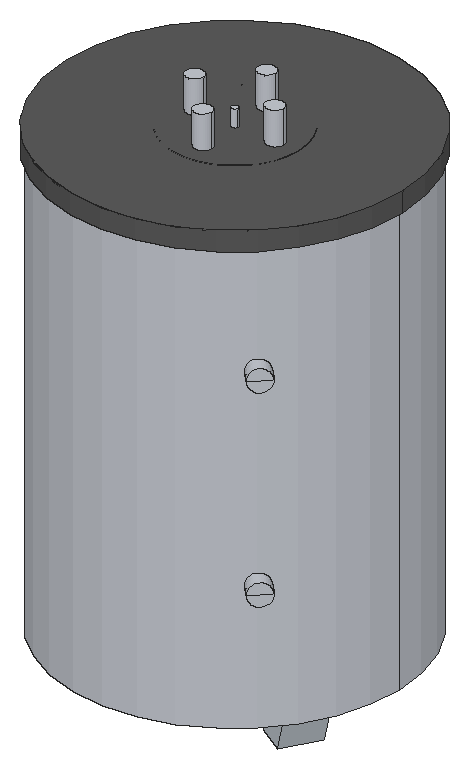
Revit family "Бойлер косвенного нагрева_INOX_FedericaBugatti_R20", category Оборудование, Revit 2020
Family settings
  Размер круглого соединителя = Использовать диаметр
  Классификация = Нет
  Тип детали = Нормальный
  На основе рабочей плоскости = Нет
  Всегда вертикально = Да
  При загрузке вырезать с полостями = Нет
  Общий = Нет
  Точка расчета площади = Да
Parameters (values of type "INOX_800")
  Патрубки_Высота = 50 mm  # constant formula
  Отметка по умолчанию = 0 mm
  Номинальный_Объем = 92
  Ножки_Диаметр = 415 mm  # constant formula
  Материал_Патрубки = ADSK_Металл_Сталь нержавеющая
  Материал_Ножки = ADSK_Металл_Сталь оцинкованная
  Материал_ВнешняяСтенка = ADSK_Металл_Сталь нержавеющая
  Материал_КорпусВерх = ADSK_Металл_Окрашенный_Черный темный
  Корпус_Диаметр = ADSK_Размер_ДиаметрИзделия - 10 mm  # 515 mm
  ADSK_Расход жидкости = 1.25 L/s  # constant formula
  ADSK_Размер_ДиаметрИзделия = 525 mm  # constant formula
  ADSK_Размер_Диаметр = 20 mm  # constant formula
  ADSK_Размер_Высота = 800 mm
  ADSK_Примечание [instance] = ""
  ADSK_Полная мощность = ADSK_Номинальная мощность / ADSK_Коэффициент мощности  # 20000 VA
  ADSK_Позиция [instance] = ""
  ADSK_Обозначение = ""
  ADSK_Номинальная мощность = 20000 W
  ADSK_Напряжение = 230 V  # constant formula
  ADSK_Наименование = "Бойлер косвенного нагрева из нержавеющей стали Federica Bugatti INOX 800"
  ADSK_Масса_Текст = "32"
  ADSK_Масса = 32
  ADSK_Марка = "INOX 800"
  ADSK_Коэффициент мощности = 1  # constant formula
  ADSK_Количество фаз = 1
  ADSK_Количество = 1  # constant formula
  ADSK_Код изделия = ""
  ADSK_Классификация нагрузок = Прочее
  ADSK_Завод-изготовитель = "Federica Bugatti"  # constant formula
  ADSK_Единица измерения = "шт"  # constant formula
  Коннекторы = 125 mm  # constant formula
Types (7, lengths in mm): name | Номинальный_Объем | Материал_ВнешняяСтенка | ADSK_Размер_Высота | ADSK_Полная мощность | ADSK_Номинальная мощность | ADSK_Наименование | ADSK_Масса_Текст | ADSK_Масса | ADSK_Марка
  (no name) | 92 | ADSK_Металл_Сталь нержавеющая | 800 | 20000 VA | 20000 W | "Бойлер косвенного нагрева из нержавеющей стали Federica Bugatti INOX 800" | "32" | 32 | "INOX 800"
  INOX_800 | 92 | ADSK_Металл_Сталь нержавеющая | 800 | 20000 VA | 20000 W | "Бойлер косвенного нагрева из нержавеющей стали Federica Bugatti INOX 800" | "32" | 32 | "INOX 800"
  INOX.PREMIUM_800 | 92 | ADSK_Полимеры_Пластик черный | 800 | 20000 VA | 20000 W | "Бойлер косвенного нагрева из нержавеющей стали Federica Bugatti INOX PREMIUM 800" | "32" | 32 | "INOX PREMIUM 800"
  INOX_1000 | 120 | ADSK_Металл_Сталь нержавеющая | 1060 | 24000 VA | 24000 W | "Бойлер косвенного нагрева из нержавеющей стали Federica Bugatti INOX 1000" | "40" | 40 | "INOX 1000"
  INOX.PREMIUM_1000 | 120 | ADSK_Полимеры_Пластик черный | 1060 | 24000 VA | 24000 W | "Бойлер косвенного нагрева из нержавеющей стали Federica Bugatti INOX PREMIUM 1000" | "40" | 40 | "INOX PREMIUM 1000"
  INOX_1500 | 180 | ADSK_Металл_Сталь нержавеющая | 1460 | 36000 VA | 36000 W | "Бойлер косвенного нагрева из нержавеющей стали Federica Bugatti INOX 1500" | "55" | 55 | "INOX 1500"
  INOX.PREMIUM_1500 | 180 | ADSK_Полимеры_Пластик черный | 1460 | 36000 VA | 36000 W | "Бойлер косвенного нагрева из нержавеющей стали Federica Bugatti INOX PREMIUM 1500" | "55" | 55 | "INOX PREMIUM 1500"
Reference planes
  plane 1 "По центру (Вперед/Назад)": y = 0
  plane 2: z = 0
  plane 3 "По центру (Влево/Вправо)": x = 0
  plane 4: x = -262.5
  plane 5: x = 262.5
  plane 6: y = 262.5
  plane 7: y = -262.5
  plane 8: z = 750
  plane 9: z = 720
  plane 10: z = 800
  plane 11: z = 745
  plane 12: x = 62.5
  plane 13: x = -62.5
  plane 14: y = -62.5
  plane 15: y = 62.5
  plane 16: y = 242.5
  plane 17: y = 222.5
  plane 18: y = 172.5
  plane 19: z = 50
  plane 20: x = 30
  plane 21: x = -30
  plane 22: z = 150
  plane 23: y = 257.5
  plane 24: y = -257.5
  plane 25: z = 400
  plane 26: z = 775
  plane 27: z = 550
  plane 28: z = 250
Forms (mm)
  Extrusion 1, solid, material "ADSK_Металл_Сталь нержавеющая" <- "Материал_ВнешняяСтенка"
    sketch origin (0, 0, 0) x (1, 0, 0) y (0, 1, 0)
      loop
        circle (0, 0) r 257.5
    from 50 to 720
  Extrusion 2, solid, material "ADSK_Металл_Окрашенный_Черный темный" <- "Материал_КорпусВерх"
    sketch origin (0, 0, 0) x (1, 0, 0) y (0, 1, 0)
      loop
        circle (0, 0) r 262.5
    from 720 to 750
  Extrusion 3, solid, material "ADSK_Металл_Окрашенный_Черный темный" <- "Материал_КорпусВерх"
    sketch origin (0, 0, 0) x (1, 0, 0) y (0, 1, 0)
      loop
        circle (0, 0) r 100
    from 745 to 750
  Extrusion 4, solid, material "ADSK_Металл_Сталь оцинкованная" <- "Материал_Ножки"
    sketch origin (0, 0, 0) x (0, 1, 0) y (0, 0, 1)
      loop
        line (222.5, 0) -> (242.5, 50) -> (172.5, 50) -> (172.5, 0) -> (222.5, 0)
    from -30 to 30
  Extrusion 5, solid, material "ADSK_Металл_Сталь оцинкованная" <- "Материал_Ножки"
    sketch origin (0, 0, 0) x (-0.866025, -0.5, 0) y (0, 0, 1)
      loop
        line (222.5, 0) -> (242.5, 50) -> (172.5, 50) -> (172.5, 0) -> (222.5, 0)
    from -30 to 30
  Extrusion 6, solid, material "ADSK_Металл_Сталь оцинкованная" <- "Материал_Ножки"
    sketch origin (0, 0, 0) x (0.866025, -0.5, 0) y (0, 0, 1)
      loop
        line (222.5, 0) -> (242.5, 50) -> (172.5, 50) -> (172.5, 0) -> (222.5, 0)
    from -30 to 30
  Extrusion 7, solid, material "ADSK_Металл_Сталь нержавеющая" <- "Материал_ВнешняяСтенка"
    sketch origin (0, 0, 0) x (1, 0, 0) y (0, 0, 1)
      loop
        circle (0, 150) r 1.5
    from -257.5 to -242.5
  Extrusion 8, solid, material "ADSK_Металл_Сталь нержавеющая" <- "Материал_Патрубки"
    sketch origin (0, 0, 0) x (1, 0, 0) y (0, 1, 0)
      loop
        circle (0, -62.5) r 13.4
      loop
        circle (-62.5, 0) r 13.4
      loop
        circle (0, 62.5) r 13.4
      loop
        circle (62.5, 0) r 13.4
    from 400 to 800
  Extrusion 9, solid, material "ADSK_Металл_Сталь нержавеющая" <- "Материал_Патрубки"
    sketch origin (0, 0, 0) x (1, 0, 0) y (0, 1, 0)
      loop
        circle (0, 0) r 5
    from 400 to 775
  Revolve 10, solid, material "ADSK_Металл_Сталь нержавеющая" <- "Материал_Патрубки"
    sketch origin (1839.148, -1524, 250) x (0, -1, 0) y (1, 0, 0)
      loop
        line (-1341.92, -1657.068) -> (-1324.242, -1639.39) -> (-1336.086, -1627.546) -> (-1353.764, -1645.224) -> (-1341.92, -1657.068)
      axis (-1341.92, -1657.068) -> (-1324.242, -1639.39)
    angle from 0 to 360
  Revolve 11, solid, material "ADSK_Металл_Сталь нержавеющая" <- "Материал_Патрубки"
    sketch origin (1839.148, -1524, 550) x (1, 0, 0) y (0, -1, 0)
      loop
        line (-1657.068, -1341.92) -> (-1645.224, -1353.764) -> (-1627.546, -1336.086) -> (-1639.39, -1324.242) -> (-1657.068, -1341.92)
      axis (-1657.068, -1341.92) -> (-1639.39, -1324.242)
    angle from 0 to 360
Lines and regions (mm)
  reference lines
    curve 1: line (0, 0, 0) -> (262.5, -262.5, 0)
Dimensions and locks
  equal spacing: plane 4, plane 3 "По центру (Влево/Вправо)", plane 5
  equal spacing: plane 6, plane 1 "По центру (Вперед/Назад)", plane 7
  "ADSK_Размер_ДиаметрИзделия": plane 4 to plane 5
  "ADSK_Размер_ДиаметрИзделия": plane 6 to plane 7
  locked: plane 8 to plane 9 at 30
  "Патрубки_Высота": plane 10 to plane 8
  locked: plane 8 to plane 11 at 5
  equal spacing: plane 14, plane 1 "По центру (Вперед/Назад)", plane 15
  "Коннекторы": plane 14 to plane 15
  "Коннекторы": plane 13 to plane 12
  equal spacing: plane 13, plane 3 "По центру (Влево/Вправо)", plane 12
  plane 6 to plane 16 = 20 mm
  plane 16 to plane 17 = 20 mm
  plane 17 to plane 18 = 50 mm
  plane 19 to plane 2 = 50 mm
  equal spacing: plane 21, plane 3 "По центру (Влево/Вправо)", plane 20
  locked: plane 21 to plane 20 at 60
  Extrusion 4 sketch curve to Extrusion 4 sketch curve = 50 mm
  Extrusion 5 sketch curve to Extrusion 5 sketch curve = 50 mm
  Extrusion 6 sketch curve to Extrusion 6 sketch curve = 50 mm
  "ADSK_Размер_Высота": plane 10 to plane 2
  locked: plane 22 to plane 19 at 100
  "Корпус_Диаметр": plane 23 to plane 24
  equal spacing: plane 23, plane 1 "По центру (Вперед/Назад)", plane 24
  equal spacing: plane 10, plane 25, plane 2
  equal spacing: plane 10, plane 26, plane 8
  locked: plane 28 to plane 19 at 200
  locked: plane 8 to plane 27 at 200
  "Корпус_Диаметр": diameter of Extrusion 1 sketch curve
  "ADSK_Размер_ДиаметрИзделия": diameter of Extrusion 2 sketch curve
  diameter of Extrusion 3 sketch curve = 200 mm
  "Ножки_Диаметр": diameter of radial array
  diameter of Extrusion 7 sketch curve = 3 mm
  diameter of Extrusion 8 sketch curve = 26.8 mm  (x4)
  diameter of Extrusion 9 sketch curve = 10 mm
  locked: curve 1 to plane 7 (angle 45.00°)
  aligned and locked: level to plane 2
  aligned and locked: plane 1 "По центру (Вперед/Назад)" to Extrusion 1 sketch curve
  aligned and locked: plane 3 "По центру (Влево/Вправо)" to Extrusion 1 sketch curve
  aligned and locked: plane 1 "По центру (Вперед/Назад)" to Extrusion 2 sketch curve
  aligned and locked: plane 3 "По центру (Влево/Вправо)" to Extrusion 2 sketch curve
  aligned and locked: Extrusion 1 to plane 9
  aligned and locked: plane 8 to Extrusion 2
  aligned and locked: plane 9 to Extrusion 2
  aligned and locked: plane 1 "По центру (Вперед/Назад)" to Extrusion 3 sketch curve
  aligned and locked: plane 3 "По центру (Влево/Вправо)" to Extrusion 3 sketch curve
  aligned and locked: plane 8 to Extrusion 3
  aligned and locked: plane 11 to Extrusion 3
  aligned and locked: plane 19 to Extrusion 1
  aligned and locked: plane 19 to nested 1
  aligned and locked: plane 3 "По центру (Влево/Вправо)" to nested 1
  aligned and locked: plane 1 "По центру (Вперед/Назад)" to nested 1
  aligned and locked: Extrusion 4 to plane 20
  aligned and locked: Extrusion 4 to plane 21
  aligned and locked: plane 18 to Extrusion 4
  aligned and locked: plane 16 to Extrusion 4
  aligned and locked: plane 22 to Extrusion 7 sketch curve
  aligned and locked: plane 3 "По центру (Влево/Вправо)" to Extrusion 7 sketch curve
  aligned and locked: Extrusion 7 to plane 23  (x2)
  aligned and locked: Extrusion 7 to plane 16
  aligned and locked: plane 25 to Extrusion 8
  aligned and locked: plane 10 to Extrusion 8
  aligned and locked: Extrusion 8 to Extrusion 9
  aligned and locked: Extrusion 9 to plane 26
  aligned and locked: plane 25 to Extrusion 9
  aligned and locked: plane 1 "По центру (Вперед/Назад)" to Extrusion 8 sketch curve  (x2)
  aligned and locked: plane 3 "По центру (Влево/Вправо)" to Extrusion 8 sketch curve  (x2)
  aligned and locked: plane 13 to Extrusion 8 sketch curve
  aligned and locked: plane 12 to Extrusion 8 sketch curve
  aligned and locked: plane 14 to Extrusion 8 sketch curve
  aligned and locked: plane 15 to Extrusion 8 sketch curve
  aligned and locked: plane 5 to curve 1
  aligned and locked: plane 1 "По центру (Вперед/Назад)" to curve 1
  aligned and locked: plane 3 "По центру (Влево/Вправо)" to curve 1
Automatic sketch dimensions
  Extrusion 4 sketch curve to Extrusion 4 sketch curve = 50 mm
  Extrusion 4 sketch curve to Extrusion 4 sketch curve = 20 mm
  Extrusion 5 sketch curve to Extrusion 5 sketch curve = 50 mm
  Extrusion 5 sketch curve to Extrusion 5 sketch curve = 20 mm
  Extrusion 6 sketch curve to Extrusion 6 sketch curve = 50 mm
  Extrusion 6 sketch curve to Extrusion 6 sketch curve = 20 mm
  plane 1 "По центру (Вперед/Назад)" to Extrusion 9 sketch curve = 0 mm
  Extrusion 9 sketch curve to plane 3 "По центру (Влево/Вправо)" = 0 mm
  plane 24 to Revolve 10 sketch curve = 87.264 mm
  Revolve 10 sketch curve to Revolve 10 sketch curve = 11.844 mm  (x2)
  Revolve 10 sketch curve to Revolve 10 sketch curve = 17.678 mm
  plane 5 to Revolve 10 sketch curve = 80.42 mm
  Revolve 10 sketch curve to Revolve 10 sketch curve = 7.968 mm  (x2)
  Revolve 10 sketch curve to Revolve 10 sketch curve = 13.245 mm  (x2)
  Revolve 11 sketch curve to plane 5 = 80.42 mm
  Revolve 11 sketch curve to Revolve 11 sketch curve = 11.844 mm  (x2)
  Revolve 11 sketch curve to Revolve 11 sketch curve = 17.678 mm
  Revolve 11 sketch curve to plane 24 = 87.264 mm
  Revolve 11 sketch curve to Revolve 11 sketch curve = 7.968 mm  (x2)
  Revolve 11 sketch curve to Revolve 11 sketch curve = 13.245 mm  (x2)
Nested families
  nested 1: "Кран слива ГВС_R20" at (0, 0, 27.5), ADSK_Материал <- "Материал_Патрубки", type "Кран"
    with ADSK_Материал ADSK_Металл_Сталь нержавеющая
Connectors
  electrical at (0, 257.5, 150), driven by "ADSK_Количество фаз", driven by "ADSK_Классификация нагрузок", driven by "ADSK_Напряжение", driven by "ADSK_Полная мощность", driven by "ADSK_Коэффициент мощности"
    settings: on Extrusion 7, index 1, voltage 230 V, apparent load 20000 VA, apparent load phase1 0 VA, apparent load phase2 0 VA, apparent load phase3 0 VA, power factor 1, load classification "Прочее", number of poles 1, system type 30, power factor state 1, is connector primary yes, connector utility no, sub classification motor no, connector description ""
  piping at (25, 0, 27.5), diameter 15
    settings: on nested 1, index 2, connector inside diameter 609.6 mm, connector length 0 mm, flow factor 0, pipe flow 0.0 L/s, pressure drop 0.0 Pa, fitting loss kfactor 0, connector angle 0.00°, fixture units 0, engagement length 0 mm, angle of deflection 0.00°, flow configuration 0, flow direction 2, fitting loss method 0, system type 16, joint type 0, gender type 0, connector reference index -1, connector utility 0, adjustable connector no, is connector primary no, connector description "Кран слива ГВС"
  piping at (-62.5, 0, 800), diameter 20, driven by "ADSK_Размер_Диаметр", driven by "ADSK_Расход жидкости"
    settings: on Extrusion 8, index 3, connector inside diameter 609.6 mm, connector length 0 mm, flow factor 0, pipe flow 1.25 L/s, pressure drop 0.0 Pa, fitting loss kfactor 0, connector angle 0.00°, fixture units 0, engagement length 0 mm, angle of deflection 0.00°, flow configuration 0, flow direction 2, fitting loss method 4, system type 19, joint type 0, gender type 0, connector reference index 4, connector utility 0, adjustable connector no, is connector primary no, connector description "Выход ГВС"
  piping at (62.5, 0, 800), diameter 20, driven by "ADSK_Размер_Диаметр", driven by "ADSK_Расход жидкости"
    settings: on Extrusion 8, index 4, connector inside diameter 609.6 mm, connector length 0 mm, flow factor 0, pipe flow 1.25 L/s, pressure drop 0.0 Pa, fitting loss kfactor 0, connector angle 0.00°, fixture units 0, engagement length 0 mm, angle of deflection 0.00°, flow configuration 0, flow direction 1, fitting loss method 0, system type 20, joint type 0, gender type 0, connector reference index 3, connector utility 0, adjustable connector no, is connector primary yes, connector description "Вход ХВС"
  piping at (0, -62.5, 800), diameter 20, driven by "ADSK_Размер_Диаметр"
    settings: on Extrusion 8, index 5, connector inside diameter 609.6 mm, connector length 0 mm, flow factor 0, pipe flow 0.0 L/s, pressure drop 0.0 Pa, fitting loss kfactor 0, connector angle 0.00°, fixture units 0, engagement length 0 mm, angle of deflection 0.00°, flow configuration 0, flow direction 1, fitting loss method 0, system type 7, joint type 0, gender type 0, connector reference index -1, connector utility 0, adjustable connector no, is connector primary no, connector description "Линия рециркуляции"
  piping at (199.758, -199.758, 550), diameter 25
    settings: on Revolve 11, index 7, connector inside diameter 609.6 mm, connector length 0 mm, flow factor 0, pipe flow 0.0 L/s, pressure drop 0.0 Pa, fitting loss kfactor 0, connector angle 0.00°, fixture units 0, engagement length 0 mm, angle of deflection 0.00°, flow configuration 0, flow direction 0, fitting loss method 0, system type 29, joint type 0, gender type 0, connector reference index 8, connector utility 0, adjustable connector no, is connector primary no, connector description "Подключение греющего контура"
  piping at (199.758, -199.758, 250), diameter 25
    settings: on Revolve 10, index 8, connector inside diameter 609.6 mm, connector length 0 mm, flow factor 0, pipe flow 0.0 L/s, pressure drop 0.0 Pa, fitting loss kfactor 0, connector angle 0.00°, fixture units 0, engagement length 0 mm, angle of deflection 0.00°, flow configuration 0, flow direction 0, fitting loss method 0, system type 29, joint type 0, gender type 0, connector reference index 7, connector utility 0, adjustable connector no, is connector primary no, connector description "Подключение греющего контура"
Definition of nested family "Кран слива ГВС_R20"
  Parameters (values of type "Кран")
    Default Elevation = 0 mm
    ADSK_Материал [instance] = none
  Reference planes
    plane 1 "По центру (Вперед/Назад)": y = 0
    plane 2: z = 0
    plane 3 "По центру (Влево/Вправо)": x = 0
    plane 4: x = -25
    plane 5: x = 25
    plane 6: z = 12.5
    plane 7: z = -12.5
    plane 8: z = 22.5
  Forms (mm)
    Revolve 1, solid, material <- "ADSK_Материал"
      sketch origin (0, 0, 0) x (1, 0, 0) y (0, 1, 0)
        loop
          line (-25, 0) -> (25, 0) -> (25, 7.5) -> (14.062, 7.5) -> (14.062, 10.512) -> (10, 10.512) -> (-10, 7.5) -> (-20, 7.5) -> (-21.624, 10.312) -> (-25, 10.312) -> (-25, 0)
        axis (-25, 0) -> (25, 0)
      angle from 0 to 360
    Extrusion 2, solid, material <- "ADSK_Материал"
      sketch origin (0, 0, 0) x (1, 0, 0) y (0, 1, 0)
        loop
          circle (0, 0) r 10
      from -12.5 to 12.5
    Extrusion 3, solid, material <- "ADSK_Материал"
      sketch origin (0, 0, 0) x (1, 0, 0) y (0, 1, 0)
        loop
          circle (0, 0) r 7.5
      from 12.5 to 22.5
  Dimensions and locks
    equal spacing: plane 4, plane 3 "По центру (Влево/Вправо)", plane 5
    plane 4 to plane 5 = 50 mm
    equal spacing: plane 6, plane 2, plane 7
    locked: plane 6 to plane 7 at 25
    plane 8 to plane 6 = 10 mm
    aligned and locked: level to plane 2
    aligned and locked: Revolve 1 sketch curve to Revolve 1 sketch curve  (x2)
    aligned and locked: plane 5 to Revolve 1 sketch curve
    aligned and locked: plane 1 "По центру (Вперед/Назад)" to Extrusion 2 sketch curve
    aligned and locked: plane 3 "По центру (Влево/Вправо)" to Extrusion 2 sketch curve
    aligned and locked: Extrusion 2 to plane 7
    aligned and locked: plane 6 to Extrusion 2
    aligned and locked: plane 1 "По центру (Вперед/Назад)" to Extrusion 3 sketch curve
    aligned and locked: plane 3 "По центру (Влево/Вправо)" to Extrusion 3 sketch curve
    aligned and locked: Extrusion 3 to Extrusion 2
    aligned and locked: Extrusion 3 to plane 8
  Automatic sketch dimensions
    Extrusion 2 sketch curve to plane 3 "По центру (Влево/Вправо)" = 0 mm
    plane 1 "По центру (Вперед/Назад)" to Revolve 1 sketch curve = 0 mm
    Revolve 1 sketch curve to plane 4 = 0 mm
    Revolve 1 sketch curve to plane 5 = 0 mm
    Revolve 1 sketch curve to Revolve 1 sketch curve = 3.376 mm
    Revolve 1 sketch curve to Revolve 1 sketch curve = 1.624 mm
    plane 5 to Revolve 1 sketch curve = 10.937 mm
    Revolve 1 sketch curve to plane 1 "По центру (Вперед/Назад)" = 7.5 mm  (x2)
    Revolve 1 sketch curve to Revolve 1 sketch curve = 2.812 mm
    Revolve 1 sketch curve to Revolve 1 sketch curve = 3.012 mm
    Revolve 1 sketch curve to Revolve 1 sketch curve = 10 mm
    Revolve 1 sketch curve to Revolve 1 sketch curve = 4.063 mm
    radius of Extrusion 2 sketch curve = 10 mm
    radius of Extrusion 3 sketch curve = 7.5 mm
